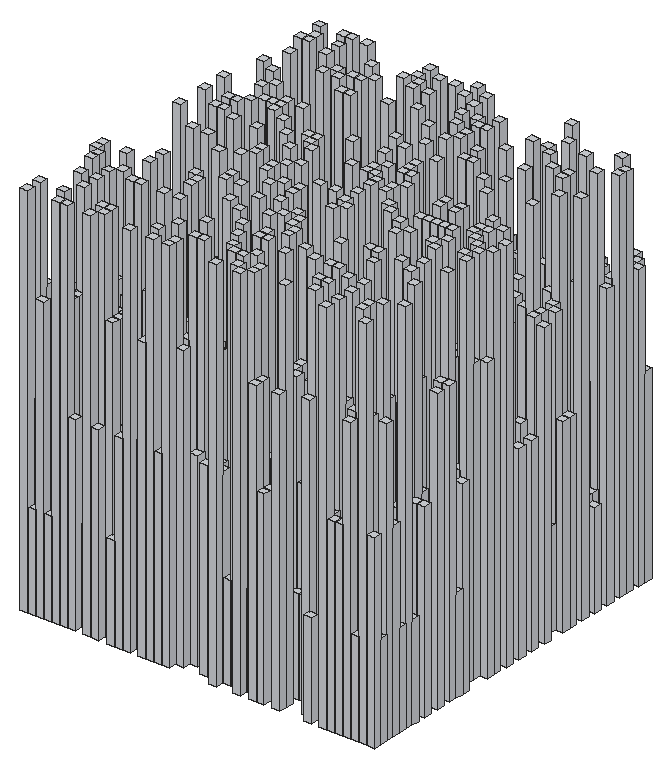
Revit family "qrcodeQ(a)R(t)", category Generic Models, Revit 2013 (continued)
Forms (in)
  Extrusion 464, solid
    sketch origin (0, 0, 0) x (1, 0, 0) y (0, 1, 0)
      loop
        line (3.9984, 19.992) -> (4.998, 19.992) -> (4.998, 20.9916) -> (3.9984, 20.9916) -> (3.9984, 19.992)
    from 0 to 12
  Extrusion 465, solid
    sketch origin (0, 0, 0) x (1, 0, 0) y (0, 1, 0)
      loop
        line (4.998, 19.992) -> (5.9976, 19.992) -> (5.9976, 20.9916) -> (4.998, 20.9916) -> (4.998, 19.992)
    from 0 to 48
  Extrusion 466, solid
    sketch origin (0, 0, 0) x (1, 0, 0) y (0, 1, 0)
      loop
        line (5.9976, 19.992) -> (6.9972, 19.992) -> (6.9972, 20.9916) -> (5.9976, 20.9916) -> (5.9976, 19.992)
    from 0 to 12
  Extrusion 467, solid
    sketch origin (0, 0, 0) x (1, 0, 0) y (0, 1, 0)
      loop
        line (6.9972, 19.992) -> (7.9968, 19.992) -> (7.9968, 20.9916) -> (6.9972, 20.9916) -> (6.9972, 19.992)
    from 0 to 48
  Extrusion 468, solid
    sketch origin (0, 0, 0) x (1, 0, 0) y (0, 1, 0)
      loop
        line (7.9968, 19.992) -> (8.9964, 19.992) -> (8.9964, 20.9916) -> (7.9968, 20.9916) -> (7.9968, 19.992)
    from 0 to 24
  Extrusion 469, solid
    sketch origin (0, 0, 0) x (1, 0, 0) y (0, 1, 0)
      loop
        line (8.9964, 19.992) -> (9.996, 19.992) -> (9.996, 20.9916) -> (8.9964, 20.9916) -> (8.9964, 19.992)
    from 0 to 12
  Extrusion 470, solid
    sketch origin (0, 0, 0) x (1, 0, 0) y (0, 1, 0)
      loop
        line (9.996, 19.992) -> (10.9956, 19.992) -> (10.9956, 20.9916) -> (9.996, 20.9916) -> (9.996, 19.992)
    from 0 to 24
  Extrusion 471, solid
    sketch origin (0, 0, 0) x (1, 0, 0) y (0, 1, 0)
      loop
        line (11.9952, 19.992) -> (12.9948, 19.992) -> (12.9948, 20.9916) -> (11.9952, 20.9916) -> (11.9952, 19.992)
    from 0 to 24
  Extrusion 472, solid
    sketch origin (0, 0, 0) x (1, 0, 0) y (0, 1, 0)
      loop
        line (12.9948, 19.992) -> (13.9944, 19.992) -> (13.9944, 20.9916) -> (12.9948, 20.9916) -> (12.9948, 19.992)
    from 0 to 48
  Extrusion 473, solid
    sketch origin (0, 0, 0) x (1, 0, 0) y (0, 1, 0)
      loop
        line (13.9944, 19.992) -> (14.994, 19.992) -> (14.994, 20.9916) -> (13.9944, 20.9916) -> (13.9944, 19.992)
    from 0 to 12
  Extrusion 474, solid
    sketch origin (0, 0, 0) x (1, 0, 0) y (0, 1, 0)
      loop
        line (14.994, 19.992) -> (15.9936, 19.992) -> (15.9936, 20.9916) -> (14.994, 20.9916) -> (14.994, 19.992)
    from 0 to 36
  Extrusion 475, solid
    sketch origin (0, 0, 0) x (1, 0, 0) y (0, 1, 0)
      loop
        line (15.9936, 19.992) -> (16.9932, 19.992) -> (16.9932, 20.9916) -> (15.9936, 20.9916) -> (15.9936, 19.992)
    from 0 to 24
  Extrusion 476, solid
    sketch origin (0, 0, 0) x (1, 0, 0) y (0, 1, 0)
      loop
        line (16.9932, 19.992) -> (17.9928, 19.992) -> (17.9928, 20.9916) -> (16.9932, 20.9916) -> (16.9932, 19.992)
    from 0 to 48
  Extrusion 477, solid
    sketch origin (0, 0, 0) x (1, 0, 0) y (0, 1, 0)
      loop
        line (19.992, 19.992) -> (20.9916, 19.992) -> (20.9916, 20.9916) -> (19.992, 20.9916) -> (19.992, 19.992)
    from 0 to 24
  Extrusion 478, solid
    sketch origin (0, 0, 0) x (1, 0, 0) y (0, 1, 0)
      loop
        line (20.9916, 19.992) -> (21.9912, 19.992) -> (21.9912, 20.9916) -> (20.9916, 20.9916) -> (20.9916, 19.992)
    from 0 to 36
  Extrusion 479, solid
    sketch origin (0, 0, 0) x (1, 0, 0) y (0, 1, 0)
      loop
        line (21.9912, 19.992) -> (22.9908, 19.992) -> (22.9908, 20.9916) -> (21.9912, 20.9916) -> (21.9912, 19.992)
    from 0 to 12
  Extrusion 480, solid
    sketch origin (0, 0, 0) x (1, 0, 0) y (0, 1, 0)
      loop
        line (22.9908, 19.992) -> (23.9904, 19.992) -> (23.9904, 20.9916) -> (22.9908, 20.9916) -> (22.9908, 19.992)
    from 0 to 12
  Extrusion 481, solid
    sketch origin (0, 0, 0) x (1, 0, 0) y (0, 1, 0)
      loop
        line (23.9904, 19.992) -> (24.99, 19.992) -> (24.99, 20.9916) -> (23.9904, 20.9916) -> (23.9904, 19.992)
    from 0 to 24
  Extrusion 482, solid
    sketch origin (0, 0, 0) x (1, 0, 0) y (0, 1, 0)
      loop
        line (24.99, 19.992) -> (25.9896, 19.992) -> (25.9896, 20.9916) -> (24.99, 20.9916) -> (24.99, 19.992)
    from 0 to 24
  Extrusion 483, solid
    sketch origin (0, 0, 0) x (1, 0, 0) y (0, 1, 0)
      loop
        line (25.9896, 19.992) -> (26.9892, 19.992) -> (26.9892, 20.9916) -> (25.9896, 20.9916) -> (25.9896, 19.992)
    from 0 to 48
  Extrusion 484, solid
    sketch origin (0, 0, 0) x (1, 0, 0) y (0, 1, 0)
      loop
        line (28.9884, 19.992) -> (29.988, 19.992) -> (29.988, 20.9916) -> (28.9884, 20.9916) -> (28.9884, 19.992)
    from 0 to 24
  Extrusion 485, solid
    sketch origin (0, 0, 0) x (1, 0, 0) y (0, 1, 0)
      loop
        line (29.988, 19.992) -> (30.9876, 19.992) -> (30.9876, 20.9916) -> (29.988, 20.9916) -> (29.988, 19.992)
    from 0 to 48
  Extrusion 486, solid
    sketch origin (0, 0, 0) x (1, 0, 0) y (0, 1, 0)
      loop
        line (31.9872, 19.992) -> (32.9868, 19.992) -> (32.9868, 20.9916) -> (31.9872, 20.9916) -> (31.9872, 19.992)
    from 0 to 24
  Extrusion 487, solid
    sketch origin (0, 0, 0) x (1, 0, 0) y (0, 1, 0)
      loop
        line (33.9864, 19.992) -> (34.986, 19.992) -> (34.986, 20.9916) -> (33.9864, 20.9916) -> (33.9864, 19.992)
    from 0 to 48
  Extrusion 488, solid
    sketch origin (0, 0, 0) x (1, 0, 0) y (0, 1, 0)
      loop
        line (34.986, 19.992) -> (35.9856, 19.992) -> (35.9856, 20.9916) -> (34.986, 20.9916) -> (34.986, 19.992)
    from 0 to 48
  Extrusion 489, solid
    sketch origin (0, 0, 0) x (1, 0, 0) y (0, 1, 0)
      loop
        line (35.9856, 19.992) -> (36.9852, 19.992) -> (36.9852, 20.9916) -> (35.9856, 20.9916) -> (35.9856, 19.992)
    from 0 to 48
  Extrusion 490, solid
    sketch origin (0, 0, 0) x (1, 0, 0) y (0, 1, 0)
      loop
        line (36.9852, 19.992) -> (37.9848, 19.992) -> (37.9848, 20.9916) -> (36.9852, 20.9916) -> (36.9852, 19.992)
    from 0 to 48
  Extrusion 491, solid
    sketch origin (0, 0, 0) x (1, 0, 0) y (0, 1, 0)
      loop
        line (37.9848, 19.992) -> (38.9844, 19.992) -> (38.9844, 20.9916) -> (37.9848, 20.9916) -> (37.9848, 19.992)
    from 0 to 48
  Extrusion 492, solid
    sketch origin (0, 0, 0) x (1, 0, 0) y (0, 1, 0)
      loop
        line (38.9844, 19.992) -> (39.984, 19.992) -> (39.984, 20.9916) -> (38.9844, 20.9916) -> (38.9844, 19.992)
    from 0 to 24
  Extrusion 493, solid
    sketch origin (0, 0, 0) x (1, 0, 0) y (0, 1, 0)
      loop
        line (39.984, 19.992) -> (40.9836, 19.992) -> (40.9836, 20.9916) -> (39.984, 20.9916) -> (39.984, 19.992)
    from 0 to 24
  Extrusion 494, solid
    sketch origin (0, 0, 0) x (1, 0, 0) y (0, 1, 0)
      loop
        line (40.9836, 19.992) -> (41.9832, 19.992) -> (41.9832, 20.9916) -> (40.9836, 20.9916) -> (40.9836, 19.992)
    from 0 to 48
  Extrusion 495, solid
    sketch origin (0, 0, 0) x (1, 0, 0) y (0, 1, 0)
      loop
        line (41.9832, 19.992) -> (42.9828, 19.992) -> (42.9828, 20.9916) -> (41.9832, 20.9916) -> (41.9832, 19.992)
    from 0 to 12
  Extrusion 496, solid
    sketch origin (0, 0, 0) x (1, 0, 0) y (0, 1, 0)
      loop
        line (42.9828, 19.992) -> (43.9824, 19.992) -> (43.9824, 20.9916) -> (42.9828, 20.9916) -> (42.9828, 19.992)
    from 0 to 12
  Extrusion 497, solid
    sketch origin (0, 0, 0) x (1, 0, 0) y (0, 1, 0)
      loop
        line (0, 20.9916) -> (0.9996, 20.9916) -> (0.9996, 21.9912) -> (0, 21.9912) -> (0, 20.9916)
    from 0 to 36
  Extrusion 498, solid
    sketch origin (0, 0, 0) x (1, 0, 0) y (0, 1, 0)
      loop
        line (1.9992, 20.9916) -> (2.9988, 20.9916) -> (2.9988, 21.9912) -> (1.9992, 21.9912) -> (1.9992, 20.9916)
    from 0 to 24
  Extrusion 499, solid
    sketch origin (0, 0, 0) x (1, 0, 0) y (0, 1, 0)
      loop
        line (2.9988, 20.9916) -> (3.9984, 20.9916) -> (3.9984, 21.9912) -> (2.9988, 21.9912) -> (2.9988, 20.9916)
    from 0 to 24
  Extrusion 500, solid
    sketch origin (0, 0, 0) x (1, 0, 0) y (0, 1, 0)
      loop
        line (3.9984, 20.9916) -> (4.998, 20.9916) -> (4.998, 21.9912) -> (3.9984, 21.9912) -> (3.9984, 20.9916)
    from 0 to 24
  Extrusion 501, solid
    sketch origin (0, 0, 0) x (1, 0, 0) y (0, 1, 0)
      loop
        line (7.9968, 20.9916) -> (8.9964, 20.9916) -> (8.9964, 21.9912) -> (7.9968, 21.9912) -> (7.9968, 20.9916)
    from 0 to 24
  Extrusion 502, solid
    sketch origin (0, 0, 0) x (1, 0, 0) y (0, 1, 0)
      loop
        line (12.9948, 20.9916) -> (13.9944, 20.9916) -> (13.9944, 21.9912) -> (12.9948, 21.9912) -> (12.9948, 20.9916)
    from 0 to 48
  Extrusion 503, solid
    sketch origin (0, 0, 0) x (1, 0, 0) y (0, 1, 0)
      loop
        line (14.994, 20.9916) -> (15.9936, 20.9916) -> (15.9936, 21.9912) -> (14.994, 21.9912) -> (14.994, 20.9916)
    from 0 to 36
  Extrusion 504, solid
    sketch origin (0, 0, 0) x (1, 0, 0) y (0, 1, 0)
      loop
        line (15.9936, 20.9916) -> (16.9932, 20.9916) -> (16.9932, 21.9912) -> (15.9936, 21.9912) -> (15.9936, 20.9916)
    from 0 to 12
  Extrusion 505, solid
    sketch origin (0, 0, 0) x (1, 0, 0) y (0, 1, 0)
      loop
        line (17.9928, 20.9916) -> (18.9924, 20.9916) -> (18.9924, 21.9912) -> (17.9928, 21.9912) -> (17.9928, 20.9916)
    from 0 to 48
  Extrusion 506, solid
    sketch origin (0, 0, 0) x (1, 0, 0) y (0, 1, 0)
      loop
        line (19.992, 20.9916) -> (20.9916, 20.9916) -> (20.9916, 21.9912) -> (19.992, 21.9912) -> (19.992, 20.9916)
    from 0 to 24
  Extrusion 507, solid
    sketch origin (0, 0, 0) x (1, 0, 0) y (0, 1, 0)
      loop
        line (23.9904, 20.9916) -> (24.99, 20.9916) -> (24.99, 21.9912) -> (23.9904, 21.9912) -> (23.9904, 20.9916)
    from 0 to 12
  Extrusion 508, solid
    sketch origin (0, 0, 0) x (1, 0, 0) y (0, 1, 0)
      loop
        line (24.99, 20.9916) -> (25.9896, 20.9916) -> (25.9896, 21.9912) -> (24.99, 21.9912) -> (24.99, 20.9916)
    from 0 to 24
  Extrusion 509, solid
    sketch origin (0, 0, 0) x (1, 0, 0) y (0, 1, 0)
      loop
        line (29.988, 20.9916) -> (30.9876, 20.9916) -> (30.9876, 21.9912) -> (29.988, 21.9912) -> (29.988, 20.9916)
    from 0 to 24
  Extrusion 510, solid
    sketch origin (0, 0, 0) x (1, 0, 0) y (0, 1, 0)
      loop
        line (33.9864, 20.9916) -> (34.986, 20.9916) -> (34.986, 21.9912) -> (33.9864, 21.9912) -> (33.9864, 20.9916)
    from 0 to 36
  Extrusion 511, solid
    sketch origin (0, 0, 0) x (1, 0, 0) y (0, 1, 0)
      loop
        line (35.9856, 20.9916) -> (36.9852, 20.9916) -> (36.9852, 21.9912) -> (35.9856, 21.9912) -> (35.9856, 20.9916)
    from 0 to 36
  Extrusion 512, solid
    sketch origin (0, 0, 0) x (1, 0, 0) y (0, 1, 0)
      loop
        line (39.984, 20.9916) -> (40.9836, 20.9916) -> (40.9836, 21.9912) -> (39.984, 21.9912) -> (39.984, 20.9916)
    from 0 to 48
  Extrusion 513, solid
    sketch origin (0, 0, 0) x (1, 0, 0) y (0, 1, 0)
      loop
        line (43.9824, 20.9916) -> (44.982, 20.9916) -> (44.982, 21.9912) -> (43.9824, 21.9912) -> (43.9824, 20.9916)
    from 0 to 48
  Extrusion 514, solid
    sketch origin (0, 0, 0) x (1, 0, 0) y (0, 1, 0)
      loop
        line (0, 21.9912) -> (0.9996, 21.9912) -> (0.9996, 22.9908) -> (0, 22.9908) -> (0, 21.9912)
    from 0 to 12
  Extrusion 515, solid
    sketch origin (0, 0, 0) x (1, 0, 0) y (0, 1, 0)
      loop
        line (2.9988, 21.9912) -> (3.9984, 21.9912) -> (3.9984, 22.9908) -> (2.9988, 22.9908) -> (2.9988, 21.9912)
    from 0 to 36
  Extrusion 516, solid
    sketch origin (0, 0, 0) x (1, 0, 0) y (0, 1, 0)
      loop
        line (3.9984, 21.9912) -> (4.998, 21.9912) -> (4.998, 22.9908) -> (3.9984, 22.9908) -> (3.9984, 21.9912)
    from 0 to 24
  Extrusion 517, solid
    sketch origin (0, 0, 0) x (1, 0, 0) y (0, 1, 0)
      loop
        line (5.9976, 21.9912) -> (6.9972, 21.9912) -> (6.9972, 22.9908) -> (5.9976, 22.9908) -> (5.9976, 21.9912)
    from 0 to 36
  Extrusion 518, solid
    sketch origin (0, 0, 0) x (1, 0, 0) y (0, 1, 0)
      loop
        line (7.9968, 21.9912) -> (8.9964, 21.9912) -> (8.9964, 22.9908) -> (7.9968, 22.9908) -> (7.9968, 21.9912)
    from 0 to 24
  Extrusion 519, solid
    sketch origin (0, 0, 0) x (1, 0, 0) y (0, 1, 0)
      loop
        line (9.996, 21.9912) -> (10.9956, 21.9912) -> (10.9956, 22.9908) -> (9.996, 22.9908) -> (9.996, 21.9912)
    from 0 to 36
  Extrusion 520, solid
    sketch origin (0, 0, 0) x (1, 0, 0) y (0, 1, 0)
      loop
        line (11.9952, 21.9912) -> (12.9948, 21.9912) -> (12.9948, 22.9908) -> (11.9952, 22.9908) -> (11.9952, 21.9912)
    from 0 to 12
  Extrusion 521, solid
    sketch origin (0, 0, 0) x (1, 0, 0) y (0, 1, 0)
      loop
        line (12.9948, 21.9912) -> (13.9944, 21.9912) -> (13.9944, 22.9908) -> (12.9948, 22.9908) -> (12.9948, 21.9912)
    from 0 to 36
  Extrusion 522, solid
    sketch origin (0, 0, 0) x (1, 0, 0) y (0, 1, 0)
      loop
        line (15.9936, 21.9912) -> (16.9932, 21.9912) -> (16.9932, 22.9908) -> (15.9936, 22.9908) -> (15.9936, 21.9912)
    from 0 to 24
  Extrusion 523, solid
    sketch origin (0, 0, 0) x (1, 0, 0) y (0, 1, 0)
      loop
        line (16.9932, 21.9912) -> (17.9928, 21.9912) -> (17.9928, 22.9908) -> (16.9932, 22.9908) -> (16.9932, 21.9912)
    from 0 to 36
  Extrusion 524, solid
    sketch origin (0, 0, 0) x (1, 0, 0) y (0, 1, 0)
      loop
        line (17.9928, 21.9912) -> (18.9924, 21.9912) -> (18.9924, 22.9908) -> (17.9928, 22.9908) -> (17.9928, 21.9912)
    from 0 to 24
  Extrusion 525, solid
    sketch origin (0, 0, 0) x (1, 0, 0) y (0, 1, 0)
      loop
        line (19.992, 21.9912) -> (20.9916, 21.9912) -> (20.9916, 22.9908) -> (19.992, 22.9908) -> (19.992, 21.9912)
    from 0 to 12
  Extrusion 526, solid
    sketch origin (0, 0, 0) x (1, 0, 0) y (0, 1, 0)
      loop
        line (21.9912, 21.9912) -> (22.9908, 21.9912) -> (22.9908, 22.9908) -> (21.9912, 22.9908) -> (21.9912, 21.9912)
    from 0 to 24
  Extrusion 527, solid
    sketch origin (0, 0, 0) x (1, 0, 0) y (0, 1, 0)
      loop
        line (23.9904, 21.9912) -> (24.99, 21.9912) -> (24.99, 22.9908) -> (23.9904, 22.9908) -> (23.9904, 21.9912)
    from 0 to 36
  Extrusion 528, solid
    sketch origin (0, 0, 0) x (1, 0, 0) y (0, 1, 0)
      loop
        line (25.9896, 21.9912) -> (26.9892, 21.9912) -> (26.9892, 22.9908) -> (25.9896, 22.9908) -> (25.9896, 21.9912)
    from 0 to 48
  Extrusion 529, solid
    sketch origin (0, 0, 0) x (1, 0, 0) y (0, 1, 0)
      loop
        line (27.9888, 21.9912) -> (28.9884, 21.9912) -> (28.9884, 22.9908) -> (27.9888, 22.9908) -> (27.9888, 21.9912)
    from 0 to 48
  Extrusion 530, solid
    sketch origin (0, 0, 0) x (1, 0, 0) y (0, 1, 0)
      loop
        line (29.988, 21.9912) -> (30.9876, 21.9912) -> (30.9876, 22.9908) -> (29.988, 22.9908) -> (29.988, 21.9912)
    from 0 to 24
  Extrusion 531, solid
    sketch origin (0, 0, 0) x (1, 0, 0) y (0, 1, 0)
      loop
        line (30.9876, 21.9912) -> (31.9872, 21.9912) -> (31.9872, 22.9908) -> (30.9876, 22.9908) -> (30.9876, 21.9912)
    from 0 to 24
  Extrusion 532, solid
    sketch origin (0, 0, 0) x (1, 0, 0) y (0, 1, 0)
      loop
        line (34.986, 21.9912) -> (35.9856, 21.9912) -> (35.9856, 22.9908) -> (34.986, 22.9908) -> (34.986, 21.9912)
    from 0 to 36
  Extrusion 533, solid
    sketch origin (0, 0, 0) x (1, 0, 0) y (0, 1, 0)
      loop
        line (35.9856, 21.9912) -> (36.9852, 21.9912) -> (36.9852, 22.9908) -> (35.9856, 22.9908) -> (35.9856, 21.9912)
    from 0 to 24
  Extrusion 534, solid
    sketch origin (0, 0, 0) x (1, 0, 0) y (0, 1, 0)
      loop
        line (37.9848, 21.9912) -> (38.9844, 21.9912) -> (38.9844, 22.9908) -> (37.9848, 22.9908) -> (37.9848, 21.9912)
    from 0 to 36
  Extrusion 535, solid
    sketch origin (0, 0, 0) x (1, 0, 0) y (0, 1, 0)
      loop
        line (39.984, 21.9912) -> (40.9836, 21.9912) -> (40.9836, 22.9908) -> (39.984, 22.9908) -> (39.984, 21.9912)
    from 0 to 48
  Extrusion 536, solid
    sketch origin (0, 0, 0) x (1, 0, 0) y (0, 1, 0)
      loop
        line (40.9836, 21.9912) -> (41.9832, 21.9912) -> (41.9832, 22.9908) -> (40.9836, 22.9908) -> (40.9836, 21.9912)
    from 0 to 48
  Extrusion 537, solid
    sketch origin (0, 0, 0) x (1, 0, 0) y (0, 1, 0)
      loop
        line (41.9832, 21.9912) -> (42.9828, 21.9912) -> (42.9828, 22.9908) -> (41.9832, 22.9908) -> (41.9832, 21.9912)
    from 0 to 36
  Extrusion 538, solid
    sketch origin (0, 0, 0) x (1, 0, 0) y (0, 1, 0)
      loop
        line (42.9828, 21.9912) -> (43.9824, 21.9912) -> (43.9824, 22.9908) -> (42.9828, 22.9908) -> (42.9828, 21.9912)
    from 0 to 36
  Extrusion 539, solid
    sketch origin (0, 0, 0) x (1, 0, 0) y (0, 1, 0)
      loop
        line (0.9996, 22.9908) -> (1.9992, 22.9908) -> (1.9992, 23.9904) -> (0.9996, 23.9904) -> (0.9996, 22.9908)
    from 0 to 48
  Extrusion 540, solid
    sketch origin (0, 0, 0) x (1, 0, 0) y (0, 1, 0)
      loop
        line (2.9988, 22.9908) -> (3.9984, 22.9908) -> (3.9984, 23.9904) -> (2.9988, 23.9904) -> (2.9988, 22.9908)
    from 0 to 36
  Extrusion 541, solid
    sketch origin (0, 0, 0) x (1, 0, 0) y (0, 1, 0)
      loop
        line (3.9984, 22.9908) -> (4.998, 22.9908) -> (4.998, 23.9904) -> (3.9984, 23.9904) -> (3.9984, 22.9908)
    from 0 to 36
  Extrusion 542, solid
    sketch origin (0, 0, 0) x (1, 0, 0) y (0, 1, 0)
      loop
        line (7.9968, 22.9908) -> (8.9964, 22.9908) -> (8.9964, 23.9904) -> (7.9968, 23.9904) -> (7.9968, 22.9908)
    from 0 to 24
  Extrusion 543, solid
    sketch origin (0, 0, 0) x (1, 0, 0) y (0, 1, 0)
      loop
        line (9.996, 22.9908) -> (10.9956, 22.9908) -> (10.9956, 23.9904) -> (9.996, 23.9904) -> (9.996, 22.9908)
    from 0 to 24
  Extrusion 544, solid
    sketch origin (0, 0, 0) x (1, 0, 0) y (0, 1, 0)
      loop
        line (10.9956, 22.9908) -> (11.9952, 22.9908) -> (11.9952, 23.9904) -> (10.9956, 23.9904) -> (10.9956, 22.9908)
    from 0 to 36
  Extrusion 545, solid
    sketch origin (0, 0, 0) x (1, 0, 0) y (0, 1, 0)
      loop
        line (12.9948, 22.9908) -> (13.9944, 22.9908) -> (13.9944, 23.9904) -> (12.9948, 23.9904) -> (12.9948, 22.9908)
    from 0 to 24
  Extrusion 546, solid
    sketch origin (0, 0, 0) x (1, 0, 0) y (0, 1, 0)
      loop
        line (13.9944, 22.9908) -> (14.994, 22.9908) -> (14.994, 23.9904) -> (13.9944, 23.9904) -> (13.9944, 22.9908)
    from 0 to 24
  Extrusion 547, solid
    sketch origin (0, 0, 0) x (1, 0, 0) y (0, 1, 0)
      loop
        line (14.994, 22.9908) -> (15.9936, 22.9908) -> (15.9936, 23.9904) -> (14.994, 23.9904) -> (14.994, 22.9908)
    from 0 to 48
  Extrusion 548, solid
    sketch origin (0, 0, 0) x (1, 0, 0) y (0, 1, 0)
      loop
        line (17.9928, 22.9908) -> (18.9924, 22.9908) -> (18.9924, 23.9904) -> (17.9928, 23.9904) -> (17.9928, 22.9908)
    from 0 to 36
  Extrusion 549, solid
    sketch origin (0, 0, 0) x (1, 0, 0) y (0, 1, 0)
      loop
        line (19.992, 22.9908) -> (20.9916, 22.9908) -> (20.9916, 23.9904) -> (19.992, 23.9904) -> (19.992, 22.9908)
    from 0 to 12
  Extrusion 550, solid
    sketch origin (0, 0, 0) x (1, 0, 0) y (0, 1, 0)
      loop
        line (23.9904, 22.9908) -> (24.99, 22.9908) -> (24.99, 23.9904) -> (23.9904, 23.9904) -> (23.9904, 22.9908)
    from 0 to 12
  Extrusion 551, solid
    sketch origin (0, 0, 0) x (1, 0, 0) y (0, 1, 0)
      loop
        line (24.99, 22.9908) -> (25.9896, 22.9908) -> (25.9896, 23.9904) -> (24.99, 23.9904) -> (24.99, 22.9908)
    from 0 to 36
  Extrusion 552, solid
    sketch origin (0, 0, 0) x (1, 0, 0) y (0, 1, 0)
      loop
        line (25.9896, 22.9908) -> (26.9892, 22.9908) -> (26.9892, 23.9904) -> (25.9896, 23.9904) -> (25.9896, 22.9908)
    from 0 to 48
  Extrusion 553, solid
    sketch origin (0, 0, 0) x (1, 0, 0) y (0, 1, 0)
      loop
        line (26.9892, 22.9908) -> (27.9888, 22.9908) -> (27.9888, 23.9904) -> (26.9892, 23.9904) -> (26.9892, 22.9908)
    from 0 to 24
  Extrusion 554, solid
    sketch origin (0, 0, 0) x (1, 0, 0) y (0, 1, 0)
      loop
        line (27.9888, 22.9908) -> (28.9884, 22.9908) -> (28.9884, 23.9904) -> (27.9888, 23.9904) -> (27.9888, 22.9908)
    from 0 to 48
  Extrusion 555, solid
    sketch origin (0, 0, 0) x (1, 0, 0) y (0, 1, 0)
      loop
        line (30.9876, 22.9908) -> (31.9872, 22.9908) -> (31.9872, 23.9904) -> (30.9876, 23.9904) -> (30.9876, 22.9908)
    from 0 to 24
  Extrusion 556, solid
    sketch origin (0, 0, 0) x (1, 0, 0) y (0, 1, 0)
      loop
        line (33.9864, 22.9908) -> (34.986, 22.9908) -> (34.986, 23.9904) -> (33.9864, 23.9904) -> (33.9864, 22.9908)
    from 0 to 48
  Extrusion 557, solid
    sketch origin (0, 0, 0) x (1, 0, 0) y (0, 1, 0)
      loop
        line (34.986, 22.9908) -> (35.9856, 22.9908) -> (35.9856, 23.9904) -> (34.986, 23.9904) -> (34.986, 22.9908)
    from 0 to 24
  Extrusion 558, solid
    sketch origin (0, 0, 0) x (1, 0, 0) y (0, 1, 0)
      loop
        line (35.9856, 22.9908) -> (36.9852, 22.9908) -> (36.9852, 23.9904) -> (35.9856, 23.9904) -> (35.9856, 22.9908)
    from 0 to 48
  Extrusion 559, solid
    sketch origin (0, 0, 0) x (1, 0, 0) y (0, 1, 0)
      loop
        line (39.984, 22.9908) -> (40.9836, 22.9908) -> (40.9836, 23.9904) -> (39.984, 23.9904) -> (39.984, 22.9908)
    from 0 to 24
  Extrusion 560, solid
    sketch origin (0, 0, 0) x (1, 0, 0) y (0, 1, 0)
      loop
        line (41.9832, 22.9908) -> (42.9828, 22.9908) -> (42.9828, 23.9904) -> (41.9832, 23.9904) -> (41.9832, 22.9908)
    from 0 to 48
  Extrusion 561, solid
    sketch origin (0, 0, 0) x (1, 0, 0) y (0, 1, 0)
      loop
        line (43.9824, 22.9908) -> (44.982, 22.9908) -> (44.982, 23.9904) -> (43.9824, 23.9904) -> (43.9824, 22.9908)
    from 0 to 24
  Extrusion 562, solid
    sketch origin (0, 0, 0) x (1, 0, 0) y (0, 1, 0)
      loop
        line (2.9988, 23.9904) -> (3.9984, 23.9904) -> (3.9984, 24.99) -> (2.9988, 24.99) -> (2.9988, 23.9904)
    from 0 to 36
  Extrusion 563, solid
    sketch origin (0, 0, 0) x (1, 0, 0) y (0, 1, 0)
      loop
        line (3.9984, 23.9904) -> (4.998, 23.9904) -> (4.998, 24.99) -> (3.9984, 24.99) -> (3.9984, 23.9904)
    from 0 to 12
  Extrusion 564, solid
    sketch origin (0, 0, 0) x (1, 0, 0) y (0, 1, 0)
      loop
        line (4.998, 23.9904) -> (5.9976, 23.9904) -> (5.9976, 24.99) -> (4.998, 24.99) -> (4.998, 23.9904)
    from 0 to 36
  Extrusion 565, solid
    sketch origin (0, 0, 0) x (1, 0, 0) y (0, 1, 0)
      loop
        line (5.9976, 23.9904) -> (6.9972, 23.9904) -> (6.9972, 24.99) -> (5.9976, 24.99) -> (5.9976, 23.9904)
    from 0 to 24
  Extrusion 566, solid
    sketch origin (0, 0, 0) x (1, 0, 0) y (0, 1, 0)
      loop
        line (6.9972, 23.9904) -> (7.9968, 23.9904) -> (7.9968, 24.99) -> (6.9972, 24.99) -> (6.9972, 23.9904)
    from 0 to 48
  Extrusion 567, solid
    sketch origin (0, 0, 0) x (1, 0, 0) y (0, 1, 0)
      loop
        line (7.9968, 23.9904) -> (8.9964, 23.9904) -> (8.9964, 24.99) -> (7.9968, 24.99) -> (7.9968, 23.9904)
    from 0 to 24
  Extrusion 568, solid
    sketch origin (0, 0, 0) x (1, 0, 0) y (0, 1, 0)
      loop
        line (8.9964, 23.9904) -> (9.996, 23.9904) -> (9.996, 24.99) -> (8.9964, 24.99) -> (8.9964, 23.9904)
    from 0 to 24
  Extrusion 569, solid
    sketch origin (0, 0, 0) x (1, 0, 0) y (0, 1, 0)
      loop
        line (9.996, 23.9904) -> (10.9956, 23.9904) -> (10.9956, 24.99) -> (9.996, 24.99) -> (9.996, 23.9904)
    from 0 to 48
  Extrusion 570, solid
    sketch origin (0, 0, 0) x (1, 0, 0) y (0, 1, 0)
      loop
        line (10.9956, 23.9904) -> (11.9952, 23.9904) -> (11.9952, 24.99) -> (10.9956, 24.99) -> (10.9956, 23.9904)
    from 0 to 24
  Extrusion 571, solid
    sketch origin (0, 0, 0) x (1, 0, 0) y (0, 1, 0)
      loop
        line (14.994, 23.9904) -> (15.9936, 23.9904) -> (15.9936, 24.99) -> (14.994, 24.99) -> (14.994, 23.9904)
    from 0 to 36
  Extrusion 572, solid
    sketch origin (0, 0, 0) x (1, 0, 0) y (0, 1, 0)
      loop
        line (15.9936, 23.9904) -> (16.9932, 23.9904) -> (16.9932, 24.99) -> (15.9936, 24.99) -> (15.9936, 23.9904)
    from 0 to 24
  Extrusion 573, solid
    sketch origin (0, 0, 0) x (1, 0, 0) y (0, 1, 0)
      loop
        line (16.9932, 23.9904) -> (17.9928, 23.9904) -> (17.9928, 24.99) -> (16.9932, 24.99) -> (16.9932, 23.9904)
    from 0 to 48
  Extrusion 574, solid
    sketch origin (0, 0, 0) x (1, 0, 0) y (0, 1, 0)
      loop
        line (17.9928, 23.9904) -> (18.9924, 23.9904) -> (18.9924, 24.99) -> (17.9928, 24.99) -> (17.9928, 23.9904)
    from 0 to 24
  Extrusion 575, solid
    sketch origin (0, 0, 0) x (1, 0, 0) y (0, 1, 0)
      loop
        line (18.9924, 23.9904) -> (19.992, 23.9904) -> (19.992, 24.99) -> (18.9924, 24.99) -> (18.9924, 23.9904)
    from 0 to 12
  Extrusion 576, solid
    sketch origin (0, 0, 0) x (1, 0, 0) y (0, 1, 0)
      loop
        line (19.992, 23.9904) -> (20.9916, 23.9904) -> (20.9916, 24.99) -> (19.992, 24.99) -> (19.992, 23.9904)
    from 0 to 36
  Extrusion 577, solid
    sketch origin (0, 0, 0) x (1, 0, 0) y (0, 1, 0)
      loop
        line (20.9916, 23.9904) -> (21.9912, 23.9904) -> (21.9912, 24.99) -> (20.9916, 24.99) -> (20.9916, 23.9904)
    from 0 to 24
  Extrusion 578, solid
    sketch origin (0, 0, 0) x (1, 0, 0) y (0, 1, 0)
      loop
        line (21.9912, 23.9904) -> (22.9908, 23.9904) -> (22.9908, 24.99) -> (21.9912, 24.99) -> (21.9912, 23.9904)
    from 0 to 48
  Extrusion 579, solid
    sketch origin (0, 0, 0) x (1, 0, 0) y (0, 1, 0)
      loop
        line (22.9908, 23.9904) -> (23.9904, 23.9904) -> (23.9904, 24.99) -> (22.9908, 24.99) -> (22.9908, 23.9904)
    from 0 to 36
  Extrusion 580, solid
    sketch origin (0, 0, 0) x (1, 0, 0) y (0, 1, 0)
      loop
        line (23.9904, 23.9904) -> (24.99, 23.9904) -> (24.99, 24.99) -> (23.9904, 24.99) -> (23.9904, 23.9904)
    from 0 to 48
  Extrusion 581, solid
    sketch origin (0, 0, 0) x (1, 0, 0) y (0, 1, 0)
      loop
        line (24.99, 23.9904) -> (25.9896, 23.9904) -> (25.9896, 24.99) -> (24.99, 24.99) -> (24.99, 23.9904)
    from 0 to 48
  Extrusion 582, solid
    sketch origin (0, 0, 0) x (1, 0, 0) y (0, 1, 0)
      loop
        line (26.9892, 23.9904) -> (27.9888, 23.9904) -> (27.9888, 24.99) -> (26.9892, 24.99) -> (26.9892, 23.9904)
    from 0 to 36
  Extrusion 583, solid
    sketch origin (0, 0, 0) x (1, 0, 0) y (0, 1, 0)
      loop
        line (27.9888, 23.9904) -> (28.9884, 23.9904) -> (28.9884, 24.99) -> (27.9888, 24.99) -> (27.9888, 23.9904)
    from 0 to 12
  Extrusion 584, solid
    sketch origin (0, 0, 0) x (1, 0, 0) y (0, 1, 0)
      loop
        line (28.9884, 23.9904) -> (29.988, 23.9904) -> (29.988, 24.99) -> (28.9884, 24.99) -> (28.9884, 23.9904)
    from 0 to 48
  Extrusion 585, solid
    sketch origin (0, 0, 0) x (1, 0, 0) y (0, 1, 0)
      loop
        line (30.9876, 23.9904) -> (31.9872, 23.9904) -> (31.9872, 24.99) -> (30.9876, 24.99) -> (30.9876, 23.9904)
    from 0 to 12
  Extrusion 586, solid
    sketch origin (0, 0, 0) x (1, 0, 0) y (0, 1, 0)
      loop
        line (31.9872, 23.9904) -> (32.9868, 23.9904) -> (32.9868, 24.99) -> (31.9872, 24.99) -> (31.9872, 23.9904)
    from 0 to 24
  Extrusion 587, solid
    sketch origin (0, 0, 0) x (1, 0, 0) y (0, 1, 0)
      loop
        line (33.9864, 23.9904) -> (34.986, 23.9904) -> (34.986, 24.99) -> (33.9864, 24.99) -> (33.9864, 23.9904)
    from 0 to 48
  Extrusion 588, solid
    sketch origin (0, 0, 0) x (1, 0, 0) y (0, 1, 0)
      loop
        line (35.9856, 23.9904) -> (36.9852, 23.9904) -> (36.9852, 24.99) -> (35.9856, 24.99) -> (35.9856, 23.9904)
    from 0 to 48
  Extrusion 589, solid
    sketch origin (0, 0, 0) x (1, 0, 0) y (0, 1, 0)
      loop
        line (36.9852, 23.9904) -> (37.9848, 23.9904) -> (37.9848, 24.99) -> (36.9852, 24.99) -> (36.9852, 23.9904)
    from 0 to 24
  Extrusion 590, solid
    sketch origin (0, 0, 0) x (1, 0, 0) y (0, 1, 0)
      loop
        line (37.9848, 23.9904) -> (38.9844, 23.9904) -> (38.9844, 24.99) -> (37.9848, 24.99) -> (37.9848, 23.9904)
    from 0 to 24
  Extrusion 591, solid
    sketch origin (0, 0, 0) x (1, 0, 0) y (0, 1, 0)
      loop
        line (38.9844, 23.9904) -> (39.984, 23.9904) -> (39.984, 24.99) -> (38.9844, 24.99) -> (38.9844, 23.9904)
    from 0 to 12
  Extrusion 592, solid
    sketch origin (0, 0, 0) x (1, 0, 0) y (0, 1, 0)
      loop
        line (39.984, 23.9904) -> (40.9836, 23.9904) -> (40.9836, 24.99) -> (39.984, 24.99) -> (39.984, 23.9904)
    from 0 to 48
  Extrusion 593, solid
    sketch origin (0, 0, 0) x (1, 0, 0) y (0, 1, 0)
      loop
        line (40.9836, 23.9904) -> (41.9832, 23.9904) -> (41.9832, 24.99) -> (40.9836, 24.99) -> (40.9836, 23.9904)
    from 0 to 36
  Extrusion 594, solid
    sketch origin (0, 0, 0) x (1, 0, 0) y (0, 1, 0)
      loop
        line (3.9984, 24.99) -> (4.998, 24.99) -> (4.998, 25.9896) -> (3.9984, 25.9896) -> (3.9984, 24.99)
    from 0 to 48
  Extrusion 595, solid
    sketch origin (0, 0, 0) x (1, 0, 0) y (0, 1, 0)
      loop
        line (4.998, 24.99) -> (5.9976, 24.99) -> (5.9976, 25.9896) -> (4.998, 25.9896) -> (4.998, 24.99)
    from 0 to 48
  Extrusion 596, solid
    sketch origin (0, 0, 0) x (1, 0, 0) y (0, 1, 0)
      loop
        line (10.9956, 24.99) -> (11.9952, 24.99) -> (11.9952, 25.9896) -> (10.9956, 25.9896) -> (10.9956, 24.99)
    from 0 to 36
  Extrusion 597, solid
    sketch origin (0, 0, 0) x (1, 0, 0) y (0, 1, 0)
      loop
        line (12.9948, 24.99) -> (13.9944, 24.99) -> (13.9944, 25.9896) -> (12.9948, 25.9896) -> (12.9948, 24.99)
    from 0 to 48
  Extrusion 598, solid
    sketch origin (0, 0, 0) x (1, 0, 0) y (0, 1, 0)
      loop
        line (13.9944, 24.99) -> (14.994, 24.99) -> (14.994, 25.9896) -> (13.9944, 25.9896) -> (13.9944, 24.99)
    from 0 to 36
  Extrusion 599, solid
    sketch origin (0, 0, 0) x (1, 0, 0) y (0, 1, 0)
      loop
        line (14.994, 24.99) -> (15.9936, 24.99) -> (15.9936, 25.9896) -> (14.994, 25.9896) -> (14.994, 24.99)
    from 0 to 12
  Extrusion 600, solid
    sketch origin (0, 0, 0) x (1, 0, 0) y (0, 1, 0)
      loop
        line (15.9936, 24.99) -> (16.9932, 24.99) -> (16.9932, 25.9896) -> (15.9936, 25.9896) -> (15.9936, 24.99)
    from 0 to 48
  Extrusion 601, solid
    sketch origin (0, 0, 0) x (1, 0, 0) y (0, 1, 0)
      loop
        line (16.9932, 24.99) -> (17.9928, 24.99) -> (17.9928, 25.9896) -> (16.9932, 25.9896) -> (16.9932, 24.99)
    from 0 to 24
  Extrusion 602, solid
    sketch origin (0, 0, 0) x (1, 0, 0) y (0, 1, 0)
      loop
        line (17.9928, 24.99) -> (18.9924, 24.99) -> (18.9924, 25.9896) -> (17.9928, 25.9896) -> (17.9928, 24.99)
    from 0 to 36
  Extrusion 603, solid
    sketch origin (0, 0, 0) x (1, 0, 0) y (0, 1, 0)
      loop
        line (18.9924, 24.99) -> (19.992, 24.99) -> (19.992, 25.9896) -> (18.9924, 25.9896) -> (18.9924, 24.99)
    from 0 to 24
  Extrusion 604, solid
    sketch origin (0, 0, 0) x (1, 0, 0) y (0, 1, 0)
      loop
        line (23.9904, 24.99) -> (24.99, 24.99) -> (24.99, 25.9896) -> (23.9904, 25.9896) -> (23.9904, 24.99)
    from 0 to 48
  Extrusion 605, solid
    sketch origin (0, 0, 0) x (1, 0, 0) y (0, 1, 0)
      loop
        line (26.9892, 24.99) -> (27.9888, 24.99) -> (27.9888, 25.9896) -> (26.9892, 25.9896) -> (26.9892, 24.99)
    from 0 to 12
  Extrusion 606, solid
    sketch origin (0, 0, 0) x (1, 0, 0) y (0, 1, 0)
      loop
        line (28.9884, 24.99) -> (29.988, 24.99) -> (29.988, 25.9896) -> (28.9884, 25.9896) -> (28.9884, 24.99)
    from 0 to 36
  Extrusion 607, solid
    sketch origin (0, 0, 0) x (1, 0, 0) y (0, 1, 0)
      loop
        line (31.9872, 24.99) -> (32.9868, 24.99) -> (32.9868, 25.9896) -> (31.9872, 25.9896) -> (31.9872, 24.99)
    from 0 to 24
  Extrusion 608, solid
    sketch origin (0, 0, 0) x (1, 0, 0) y (0, 1, 0)
      loop
        line (35.9856, 24.99) -> (36.9852, 24.99) -> (36.9852, 25.9896) -> (35.9856, 25.9896) -> (35.9856, 24.99)
    from 0 to 24
  Extrusion 609, solid
    sketch origin (0, 0, 0) x (1, 0, 0) y (0, 1, 0)
      loop
        line (37.9848, 24.99) -> (38.9844, 24.99) -> (38.9844, 25.9896) -> (37.9848, 25.9896) -> (37.9848, 24.99)
    from 0 to 24
  Extrusion 610, solid
    sketch origin (0, 0, 0) x (1, 0, 0) y (0, 1, 0)
      loop
        line (38.9844, 24.99) -> (39.984, 24.99) -> (39.984, 25.9896) -> (38.9844, 25.9896) -> (38.9844, 24.99)
    from 0 to 36
  Extrusion 611, solid
    sketch origin (0, 0, 0) x (1, 0, 0) y (0, 1, 0)
      loop
        line (39.984, 24.99) -> (40.9836, 24.99) -> (40.9836, 25.9896) -> (39.984, 25.9896) -> (39.984, 24.99)
    from 0 to 36
  Extrusion 612, solid
    sketch origin (0, 0, 0) x (1, 0, 0) y (0, 1, 0)
      loop
        line (40.9836, 24.99) -> (41.9832, 24.99) -> (41.9832, 25.9896) -> (40.9836, 25.9896) -> (40.9836, 24.99)
    from 0 to 36
  Extrusion 613, solid
    sketch origin (0, 0, 0) x (1, 0, 0) y (0, 1, 0)
      loop
        line (43.9824, 24.99) -> (44.982, 24.99) -> (44.982, 25.9896) -> (43.9824, 25.9896) -> (43.9824, 24.99)
    from 0 to 24
  Extrusion 614, solid
    sketch origin (0, 0, 0) x (1, 0, 0) y (0, 1, 0)
      loop
        line (0, 25.9896) -> (0.9996, 25.9896) -> (0.9996, 26.9892) -> (0, 26.9892) -> (0, 25.9896)
    from 0 to 24
  Extrusion 615, solid
    sketch origin (0, 0, 0) x (1, 0, 0) y (0, 1, 0)
      loop
        line (0.9996, 25.9896) -> (1.9992, 25.9896) -> (1.9992, 26.9892) -> (0.9996, 26.9892) -> (0.9996, 25.9896)
    from 0 to 24
  Extrusion 616, solid
    sketch origin (0, 0, 0) x (1, 0, 0) y (0, 1, 0)
      loop
        line (1.9992, 25.9896) -> (2.9988, 25.9896) -> (2.9988, 26.9892) -> (1.9992, 26.9892) -> (1.9992, 25.9896)
    from 0 to 36
  Extrusion 617, solid
    sketch origin (0, 0, 0) x (1, 0, 0) y (0, 1, 0)
      loop
        line (3.9984, 25.9896) -> (4.998, 25.9896) -> (4.998, 26.9892) -> (3.9984, 26.9892) -> (3.9984, 25.9896)
    from 0 to 12
  Extrusion 618, solid
    sketch origin (0, 0, 0) x (1, 0, 0) y (0, 1, 0)
      loop
        line (5.9976, 25.9896) -> (6.9972, 25.9896) -> (6.9972, 26.9892) -> (5.9976, 26.9892) -> (5.9976, 25.9896)
    from 0 to 12
  Extrusion 619, solid
    sketch origin (0, 0, 0) x (1, 0, 0) y (0, 1, 0)
      loop
        line (6.9972, 25.9896) -> (7.9968, 25.9896) -> (7.9968, 26.9892) -> (6.9972, 26.9892) -> (6.9972, 25.9896)
    from 0 to 24
  Extrusion 620, solid
    sketch origin (0, 0, 0) x (1, 0, 0) y (0, 1, 0)
      loop
        line (7.9968, 25.9896) -> (8.9964, 25.9896) -> (8.9964, 26.9892) -> (7.9968, 26.9892) -> (7.9968, 25.9896)
    from 0 to 12
  Extrusion 621, solid
    sketch origin (0, 0, 0) x (1, 0, 0) y (0, 1, 0)
      loop
        line (10.9956, 25.9896) -> (11.9952, 25.9896) -> (11.9952, 26.9892) -> (10.9956, 26.9892) -> (10.9956, 25.9896)
    from 0 to 12
  Extrusion 622, solid
    sketch origin (0, 0, 0) x (1, 0, 0) y (0, 1, 0)
      loop
        line (11.9952, 25.9896) -> (12.9948, 25.9896) -> (12.9948, 26.9892) -> (11.9952, 26.9892) -> (11.9952, 25.9896)
    from 0 to 24
  Extrusion 623, solid
    sketch origin (0, 0, 0) x (1, 0, 0) y (0, 1, 0)
      loop
        line (12.9948, 25.9896) -> (13.9944, 25.9896) -> (13.9944, 26.9892) -> (12.9948, 26.9892) -> (12.9948, 25.9896)
    from 0 to 24
  Extrusion 624, solid
    sketch origin (0, 0, 0) x (1, 0, 0) y (0, 1, 0)
      loop
        line (14.994, 25.9896) -> (15.9936, 25.9896) -> (15.9936, 26.9892) -> (14.994, 26.9892) -> (14.994, 25.9896)
    from 0 to 48
  Extrusion 625, solid
    sketch origin (0, 0, 0) x (1, 0, 0) y (0, 1, 0)
      loop
        line (15.9936, 25.9896) -> (16.9932, 25.9896) -> (16.9932, 26.9892) -> (15.9936, 26.9892) -> (15.9936, 25.9896)
    from 0 to 48
  Extrusion 626, solid
    sketch origin (0, 0, 0) x (1, 0, 0) y (0, 1, 0)
      loop
        line (17.9928, 25.9896) -> (18.9924, 25.9896) -> (18.9924, 26.9892) -> (17.9928, 26.9892) -> (17.9928, 25.9896)
    from 0 to 24
  Extrusion 627, solid
    sketch origin (0, 0, 0) x (1, 0, 0) y (0, 1, 0)
      loop
        line (20.9916, 25.9896) -> (21.9912, 25.9896) -> (21.9912, 26.9892) -> (20.9916, 26.9892) -> (20.9916, 25.9896)
    from 0 to 36
  Extrusion 628, solid
    sketch origin (0, 0, 0) x (1, 0, 0) y (0, 1, 0)
      loop
        line (21.9912, 25.9896) -> (22.9908, 25.9896) -> (22.9908, 26.9892) -> (21.9912, 26.9892) -> (21.9912, 25.9896)
    from 0 to 12
  Extrusion 629, solid
    sketch origin (0, 0, 0) x (1, 0, 0) y (0, 1, 0)
      loop
        line (23.9904, 25.9896) -> (24.99, 25.9896) -> (24.99, 26.9892) -> (23.9904, 26.9892) -> (23.9904, 25.9896)
    from 0 to 12
  Extrusion 630, solid
    sketch origin (0, 0, 0) x (1, 0, 0) y (0, 1, 0)
      loop
        line (24.99, 25.9896) -> (25.9896, 25.9896) -> (25.9896, 26.9892) -> (24.99, 26.9892) -> (24.99, 25.9896)
    from 0 to 48
  Extrusion 631, solid
    sketch origin (0, 0, 0) x (1, 0, 0) y (0, 1, 0)
      loop
        line (26.9892, 25.9896) -> (27.9888, 25.9896) -> (27.9888, 26.9892) -> (26.9892, 26.9892) -> (26.9892, 25.9896)
    from 0 to 48
  Extrusion 632, solid
    sketch origin (0, 0, 0) x (1, 0, 0) y (0, 1, 0)
      loop
        line (27.9888, 25.9896) -> (28.9884, 25.9896) -> (28.9884, 26.9892) -> (27.9888, 26.9892) -> (27.9888, 25.9896)
    from 0 to 48
  Extrusion 633, solid
    sketch origin (0, 0, 0) x (1, 0, 0) y (0, 1, 0)
      loop
        line (29.988, 25.9896) -> (30.9876, 25.9896) -> (30.9876, 26.9892) -> (29.988, 26.9892) -> (29.988, 25.9896)
    from 0 to 12
  Extrusion 634, solid
    sketch origin (0, 0, 0) x (1, 0, 0) y (0, 1, 0)
      loop
        line (30.9876, 25.9896) -> (31.9872, 25.9896) -> (31.9872, 26.9892) -> (30.9876, 26.9892) -> (30.9876, 25.9896)
    from 0 to 24
  Extrusion 635, solid
    sketch origin (0, 0, 0) x (1, 0, 0) y (0, 1, 0)
      loop
        line (33.9864, 25.9896) -> (34.986, 25.9896) -> (34.986, 26.9892) -> (33.9864, 26.9892) -> (33.9864, 25.9896)
    from 0 to 24
  Extrusion 636, solid
    sketch origin (0, 0, 0) x (1, 0, 0) y (0, 1, 0)
      loop
        line (35.9856, 25.9896) -> (36.9852, 25.9896) -> (36.9852, 26.9892) -> (35.9856, 26.9892) -> (35.9856, 25.9896)
    from 0 to 36
  Extrusion 637, solid
    sketch origin (0, 0, 0) x (1, 0, 0) y (0, 1, 0)
      loop
        line (36.9852, 25.9896) -> (37.9848, 25.9896) -> (37.9848, 26.9892) -> (36.9852, 26.9892) -> (36.9852, 25.9896)
    from 0 to 36
  Extrusion 638, solid
    sketch origin (0, 0, 0) x (1, 0, 0) y (0, 1, 0)
      loop
        line (38.9844, 25.9896) -> (39.984, 25.9896) -> (39.984, 26.9892) -> (38.9844, 26.9892) -> (38.9844, 25.9896)
    from 0 to 24
  Extrusion 639, solid
    sketch origin (0, 0, 0) x (1, 0, 0) y (0, 1, 0)
      loop
        line (0.9996, 26.9892) -> (1.9992, 26.9892) -> (1.9992, 27.9888) -> (0.9996, 27.9888) -> (0.9996, 26.9892)
    from 0 to 48
  Extrusion 640, solid
    sketch origin (0, 0, 0) x (1, 0, 0) y (0, 1, 0)
      loop
        line (3.9984, 26.9892) -> (4.998, 26.9892) -> (4.998, 27.9888) -> (3.9984, 27.9888) -> (3.9984, 26.9892)
    from 0 to 48
  Extrusion 641, solid
    sketch origin (0, 0, 0) x (1, 0, 0) y (0, 1, 0)
      loop
        line (4.998, 26.9892) -> (5.9976, 26.9892) -> (5.9976, 27.9888) -> (4.998, 27.9888) -> (4.998, 26.9892)
    from 0 to 48
  Extrusion 642, solid
    sketch origin (0, 0, 0) x (1, 0, 0) y (0, 1, 0)
      loop
        line (6.9972, 26.9892) -> (7.9968, 26.9892) -> (7.9968, 27.9888) -> (6.9972, 27.9888) -> (6.9972, 26.9892)
    from 0 to 36
  Extrusion 643, solid
    sketch origin (0, 0, 0) x (1, 0, 0) y (0, 1, 0)
      loop
        line (7.9968, 26.9892) -> (8.9964, 26.9892) -> (8.9964, 27.9888) -> (7.9968, 27.9888) -> (7.9968, 26.9892)
    from 0 to 12
  Extrusion 644, solid
    sketch origin (0, 0, 0) x (1, 0, 0) y (0, 1, 0)
      loop
        line (10.9956, 26.9892) -> (11.9952, 26.9892) -> (11.9952, 27.9888) -> (10.9956, 27.9888) -> (10.9956, 26.9892)
    from 0 to 48
  Extrusion 645, solid
    sketch origin (0, 0, 0) x (1, 0, 0) y (0, 1, 0)
      loop
        line (11.9952, 26.9892) -> (12.9948, 26.9892) -> (12.9948, 27.9888) -> (11.9952, 27.9888) -> (11.9952, 26.9892)
    from 0 to 24
  Extrusion 646, solid
    sketch origin (0, 0, 0) x (1, 0, 0) y (0, 1, 0)
      loop
        line (14.994, 26.9892) -> (15.9936, 26.9892) -> (15.9936, 27.9888) -> (14.994, 27.9888) -> (14.994, 26.9892)
    from 0 to 24
  Extrusion 647, solid
    sketch origin (0, 0, 0) x (1, 0, 0) y (0, 1, 0)
      loop
        line (18.9924, 26.9892) -> (19.992, 26.9892) -> (19.992, 27.9888) -> (18.9924, 27.9888) -> (18.9924, 26.9892)
    from 0 to 12
  Extrusion 648, solid
    sketch origin (0, 0, 0) x (1, 0, 0) y (0, 1, 0)
      loop
        line (20.9916, 26.9892) -> (21.9912, 26.9892) -> (21.9912, 27.9888) -> (20.9916, 27.9888) -> (20.9916, 26.9892)
    from 0 to 12
  Extrusion 649, solid
    sketch origin (0, 0, 0) x (1, 0, 0) y (0, 1, 0)
      loop
        line (21.9912, 26.9892) -> (22.9908, 26.9892) -> (22.9908, 27.9888) -> (21.9912, 27.9888) -> (21.9912, 26.9892)
    from 0 to 24
  Extrusion 650, solid
    sketch origin (0, 0, 0) x (1, 0, 0) y (0, 1, 0)
      loop
        line (22.9908, 26.9892) -> (23.9904, 26.9892) -> (23.9904, 27.9888) -> (22.9908, 27.9888) -> (22.9908, 26.9892)
    from 0 to 12
  Extrusion 651, solid
    sketch origin (0, 0, 0) x (1, 0, 0) y (0, 1, 0)
      loop
        line (25.9896, 26.9892) -> (26.9892, 26.9892) -> (26.9892, 27.9888) -> (25.9896, 27.9888) -> (25.9896, 26.9892)
    from 0 to 36
  Extrusion 652, solid
    sketch origin (0, 0, 0) x (1, 0, 0) y (0, 1, 0)
      loop
        line (26.9892, 26.9892) -> (27.9888, 26.9892) -> (27.9888, 27.9888) -> (26.9892, 27.9888) -> (26.9892, 26.9892)
    from 0 to 48
  Extrusion 653, solid
    sketch origin (0, 0, 0) x (1, 0, 0) y (0, 1, 0)
      loop
        line (27.9888, 26.9892) -> (28.9884, 26.9892) -> (28.9884, 27.9888) -> (27.9888, 27.9888) -> (27.9888, 26.9892)
    from 0 to 24
  Extrusion 654, solid
    sketch origin (0, 0, 0) x (1, 0, 0) y (0, 1, 0)
      loop
        line (29.988, 26.9892) -> (30.9876, 26.9892) -> (30.9876, 27.9888) -> (29.988, 27.9888) -> (29.988, 26.9892)
    from 0 to 36
  Extrusion 655, solid
    sketch origin (0, 0, 0) x (1, 0, 0) y (0, 1, 0)
      loop
        line (31.9872, 26.9892) -> (32.9868, 26.9892) -> (32.9868, 27.9888) -> (31.9872, 27.9888) -> (31.9872, 26.9892)
    from 0 to 24
  Extrusion 656, solid
    sketch origin (0, 0, 0) x (1, 0, 0) y (0, 1, 0)
      loop
        line (32.9868, 26.9892) -> (33.9864, 26.9892) -> (33.9864, 27.9888) -> (32.9868, 27.9888) -> (32.9868, 26.9892)
    from 0 to 12
  Extrusion 657, solid
    sketch origin (0, 0, 0) x (1, 0, 0) y (0, 1, 0)
      loop
        line (36.9852, 26.9892) -> (37.9848, 26.9892) -> (37.9848, 27.9888) -> (36.9852, 27.9888) -> (36.9852, 26.9892)
    from 0 to 12
  Extrusion 658, solid
    sketch origin (0, 0, 0) x (1, 0, 0) y (0, 1, 0)
      loop
        line (37.9848, 26.9892) -> (38.9844, 26.9892) -> (38.9844, 27.9888) -> (37.9848, 27.9888) -> (37.9848, 26.9892)
    from 0 to 24
  Extrusion 659, solid
    sketch origin (0, 0, 0) x (1, 0, 0) y (0, 1, 0)
      loop
        line (38.9844, 26.9892) -> (39.984, 26.9892) -> (39.984, 27.9888) -> (38.9844, 27.9888) -> (38.9844, 26.9892)
    from 0 to 12
  Extrusion 660, solid
    sketch origin (0, 0, 0) x (1, 0, 0) y (0, 1, 0)
      loop
        line (40.9836, 26.9892) -> (41.9832, 26.9892) -> (41.9832, 27.9888) -> (40.9836, 27.9888) -> (40.9836, 26.9892)
    from 0 to 24
  Extrusion 661, solid
    sketch origin (0, 0, 0) x (1, 0, 0) y (0, 1, 0)
      loop
        line (43.9824, 26.9892) -> (44.982, 26.9892) -> (44.982, 27.9888) -> (43.9824, 27.9888) -> (43.9824, 26.9892)
    from 0 to 36
  Extrusion 662, solid
    sketch origin (0, 0, 0) x (1, 0, 0) y (0, 1, 0)
      loop
        line (0, 27.9888) -> (0.9996, 27.9888) -> (0.9996, 28.9884) -> (0, 28.9884) -> (0, 27.9888)
    from 0 to 12
  Extrusion 663, solid
    sketch origin (0, 0, 0) x (1, 0, 0) y (0, 1, 0)
      loop
        line (0.9996, 27.9888) -> (1.9992, 27.9888) -> (1.9992, 28.9884) -> (0.9996, 28.9884) -> (0.9996, 27.9888)
    from 0 to 24
  Extrusion 664, solid
    sketch origin (0, 0, 0) x (1, 0, 0) y (0, 1, 0)
      loop
        line (1.9992, 27.9888) -> (2.9988, 27.9888) -> (2.9988, 28.9884) -> (1.9992, 28.9884) -> (1.9992, 27.9888)
    from 0 to 24
  Extrusion 665, solid
    sketch origin (0, 0, 0) x (1, 0, 0) y (0, 1, 0)
      loop
        line (3.9984, 27.9888) -> (4.998, 27.9888) -> (4.998, 28.9884) -> (3.9984, 28.9884) -> (3.9984, 27.9888)
    from 0 to 36
  Extrusion 666, solid
    sketch origin (0, 0, 0) x (1, 0, 0) y (0, 1, 0)
      loop
        line (5.9976, 27.9888) -> (6.9972, 27.9888) -> (6.9972, 28.9884) -> (5.9976, 28.9884) -> (5.9976, 27.9888)
    from 0 to 48
  Extrusion 667, solid
    sketch origin (0, 0, 0) x (1, 0, 0) y (0, 1, 0)
      loop
        line (6.9972, 27.9888) -> (7.9968, 27.9888) -> (7.9968, 28.9884) -> (6.9972, 28.9884) -> (6.9972, 27.9888)
    from 0 to 12
  Extrusion 668, solid
    sketch origin (0, 0, 0) x (1, 0, 0) y (0, 1, 0)
      loop
        line (7.9968, 27.9888) -> (8.9964, 27.9888) -> (8.9964, 28.9884) -> (7.9968, 28.9884) -> (7.9968, 27.9888)
    from 0 to 36
  Extrusion 669, solid
    sketch origin (0, 0, 0) x (1, 0, 0) y (0, 1, 0)
      loop
        line (8.9964, 27.9888) -> (9.996, 27.9888) -> (9.996, 28.9884) -> (8.9964, 28.9884) -> (8.9964, 27.9888)
    from 0 to 48
  Extrusion 670, solid
    sketch origin (0, 0, 0) x (1, 0, 0) y (0, 1, 0)
      loop
        line (9.996, 27.9888) -> (10.9956, 27.9888) -> (10.9956, 28.9884) -> (9.996, 28.9884) -> (9.996, 27.9888)
    from 0 to 12
  Extrusion 671, solid
    sketch origin (0, 0, 0) x (1, 0, 0) y (0, 1, 0)
      loop
        line (11.9952, 27.9888) -> (12.9948, 27.9888) -> (12.9948, 28.9884) -> (11.9952, 28.9884) -> (11.9952, 27.9888)
    from 0 to 24
  Extrusion 672, solid
    sketch origin (0, 0, 0) x (1, 0, 0) y (0, 1, 0)
      loop
        line (12.9948, 27.9888) -> (13.9944, 27.9888) -> (13.9944, 28.9884) -> (12.9948, 28.9884) -> (12.9948, 27.9888)
    from 0 to 36
  Extrusion 673, solid
    sketch origin (0, 0, 0) x (1, 0, 0) y (0, 1, 0)
      loop
        line (18.9924, 27.9888) -> (19.992, 27.9888) -> (19.992, 28.9884) -> (18.9924, 28.9884) -> (18.9924, 27.9888)
    from 0 to 48
  Extrusion 674, solid
    sketch origin (0, 0, 0) x (1, 0, 0) y (0, 1, 0)
      loop
        line (19.992, 27.9888) -> (20.9916, 27.9888) -> (20.9916, 28.9884) -> (19.992, 28.9884) -> (19.992, 27.9888)
    from 0 to 12
  Extrusion 675, solid
    sketch origin (0, 0, 0) x (1, 0, 0) y (0, 1, 0)
      loop
        line (20.9916, 27.9888) -> (21.9912, 27.9888) -> (21.9912, 28.9884) -> (20.9916, 28.9884) -> (20.9916, 27.9888)
    from 0 to 36
  Extrusion 676, solid
    sketch origin (0, 0, 0) x (1, 0, 0) y (0, 1, 0)
      loop
        line (22.9908, 27.9888) -> (23.9904, 27.9888) -> (23.9904, 28.9884) -> (22.9908, 28.9884) -> (22.9908, 27.9888)
    from 0 to 48
  Extrusion 677, solid
    sketch origin (0, 0, 0) x (1, 0, 0) y (0, 1, 0)
      loop
        line (24.99, 27.9888) -> (25.9896, 27.9888) -> (25.9896, 28.9884) -> (24.99, 28.9884) -> (24.99, 27.9888)
    from 0 to 24
  Extrusion 678, solid
    sketch origin (0, 0, 0) x (1, 0, 0) y (0, 1, 0)
      loop
        line (25.9896, 27.9888) -> (26.9892, 27.9888) -> (26.9892, 28.9884) -> (25.9896, 28.9884) -> (25.9896, 27.9888)
    from 0 to 36
  Extrusion 679, solid
    sketch origin (0, 0, 0) x (1, 0, 0) y (0, 1, 0)
      loop
        line (26.9892, 27.9888) -> (27.9888, 27.9888) -> (27.9888, 28.9884) -> (26.9892, 28.9884) -> (26.9892, 27.9888)
    from 0 to 48
  Extrusion 680, solid
    sketch origin (0, 0, 0) x (1, 0, 0) y (0, 1, 0)
      loop
        line (29.988, 27.9888) -> (30.9876, 27.9888) -> (30.9876, 28.9884) -> (29.988, 28.9884) -> (29.988, 27.9888)
    from 0 to 24
  Extrusion 681, solid
    sketch origin (0, 0, 0) x (1, 0, 0) y (0, 1, 0)
      loop
        line (30.9876, 27.9888) -> (31.9872, 27.9888) -> (31.9872, 28.9884) -> (30.9876, 28.9884) -> (30.9876, 27.9888)
    from 0 to 36
  Extrusion 682, solid
    sketch origin (0, 0, 0) x (1, 0, 0) y (0, 1, 0)
      loop
        line (32.9868, 27.9888) -> (33.9864, 27.9888) -> (33.9864, 28.9884) -> (32.9868, 28.9884) -> (32.9868, 27.9888)
    from 0 to 12
  Extrusion 683, solid
    sketch origin (0, 0, 0) x (1, 0, 0) y (0, 1, 0)
      loop
        line (33.9864, 27.9888) -> (34.986, 27.9888) -> (34.986, 28.9884) -> (33.9864, 28.9884) -> (33.9864, 27.9888)
    from 0 to 24
  Extrusion 684, solid
    sketch origin (0, 0, 0) x (1, 0, 0) y (0, 1, 0)
      loop
        line (35.9856, 27.9888) -> (36.9852, 27.9888) -> (36.9852, 28.9884) -> (35.9856, 28.9884) -> (35.9856, 27.9888)
    from 0 to 48
  Extrusion 685, solid
    sketch origin (0, 0, 0) x (1, 0, 0) y (0, 1, 0)
      loop
        line (40.9836, 27.9888) -> (41.9832, 27.9888) -> (41.9832, 28.9884) -> (40.9836, 28.9884) -> (40.9836, 27.9888)
    from 0 to 12
  Extrusion 686, solid
    sketch origin (0, 0, 0) x (1, 0, 0) y (0, 1, 0)
      loop
        line (41.9832, 27.9888) -> (42.9828, 27.9888) -> (42.9828, 28.9884) -> (41.9832, 28.9884) -> (41.9832, 27.9888)
    from 0 to 36
  Extrusion 687, solid
    sketch origin (0, 0, 0) x (1, 0, 0) y (0, 1, 0)
      loop
        line (1.9992, 28.9884) -> (2.9988, 28.9884) -> (2.9988, 29.988) -> (1.9992, 29.988) -> (1.9992, 28.9884)
    from 0 to 12
  Extrusion 688, solid
    sketch origin (0, 0, 0) x (1, 0, 0) y (0, 1, 0)
      loop
        line (4.998, 28.9884) -> (5.9976, 28.9884) -> (5.9976, 29.988) -> (4.998, 29.988) -> (4.998, 28.9884)
    from 0 to 24
  Extrusion 689, solid
    sketch origin (0, 0, 0) x (1, 0, 0) y (0, 1, 0)
      loop
        line (6.9972, 28.9884) -> (7.9968, 28.9884) -> (7.9968, 29.988) -> (6.9972, 29.988) -> (6.9972, 28.9884)
    from 0 to 48
  Extrusion 690, solid
    sketch origin (0, 0, 0) x (1, 0, 0) y (0, 1, 0)
      loop
        line (7.9968, 28.9884) -> (8.9964, 28.9884) -> (8.9964, 29.988) -> (7.9968, 29.988) -> (7.9968, 28.9884)
    from 0 to 48
  Extrusion 691, solid
    sketch origin (0, 0, 0) x (1, 0, 0) y (0, 1, 0)
      loop
        line (8.9964, 28.9884) -> (9.996, 28.9884) -> (9.996, 29.988) -> (8.9964, 29.988) -> (8.9964, 28.9884)
    from 0 to 48
  Extrusion 692, solid
    sketch origin (0, 0, 0) x (1, 0, 0) y (0, 1, 0)
      loop
        line (9.996, 28.9884) -> (10.9956, 28.9884) -> (10.9956, 29.988) -> (9.996, 29.988) -> (9.996, 28.9884)
    from 0 to 12
  Extrusion 693, solid
    sketch origin (0, 0, 0) x (1, 0, 0) y (0, 1, 0)
      loop
        line (12.9948, 28.9884) -> (13.9944, 28.9884) -> (13.9944, 29.988) -> (12.9948, 29.988) -> (12.9948, 28.9884)
    from 0 to 24
  Extrusion 694, solid
    sketch origin (0, 0, 0) x (1, 0, 0) y (0, 1, 0)
      loop
        line (14.994, 28.9884) -> (15.9936, 28.9884) -> (15.9936, 29.988) -> (14.994, 29.988) -> (14.994, 28.9884)
    from 0 to 12
